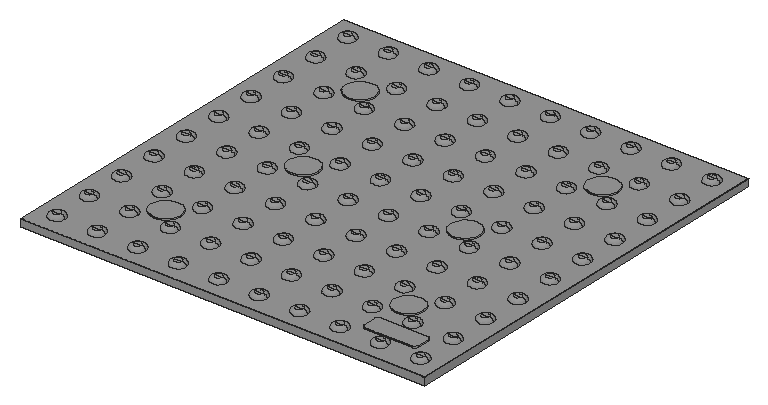
Revit family "Detectable-Warning-Surfaces_Cast-in-Place-Replaceable-24x24_ADA-Solutions", category Generic Models, host Floor, Revit 2026
Family settings
  Host = Floor
  Can host rebar = No
  Round Connector Dimension = Use Diameter
  Part Type = Normal
  Always vertical = Yes
  Cut with Voids When Loaded = No
  Maintain Annotation Orientation = No
  Shared = No
  Room Calculation Point = No
Parameters (values of type "ADA Clay Red")
  Width = 24"
  URL = "https://adatile.com/"
  Specification = ""
  Product Page URL = "https://www.arcat.com/arcatcos/cos41/arc41776.html"
  Model = "Cast-in-Place Replaceable"
  Manufacturer = "ADA Solutions"
  Length = 24"
  Keynote = "09 33 00"
  Default Elevation = 0"
  Copyright = "ARCAT"
  Color = ADA Clay Red
  CAD Details = ""
Types (9): name | Color
  ADA Yellow | ADA Yellow
  ADA Seattle Yellow | ADA Seattle Yellow
  ADA Blue | ADA Blue
  ADA Black | ADA Black
  ADA Safety Red | ADA Safety Red
  ADA White | ADA White
  ADA Brick Red | ADA Brick Red
  ADA Clay Red | ADA Clay Red
  ADA Dark Gray | ADA Dark Gray
Reference planes (in)
  plane 1 "Center (Front/Back)": y = 0
  plane 2: z = 0
  plane 3 "Center (Left/Right)": x = 0
  plane 4: y = 12
  plane 5: x = -12
  plane 6: x = 12
  plane 7: y = -12
Forms (in)
  Extrusion 1, solid, material "ADA Clay Red" <- "Color"
    sketch origin (0, 0, 0.59017) x (1, 0, 0) y (0, 1, 0)
      loop
        line (-12, 12) -> (-12, -12) -> (12, -12) -> (12, 12) -> (-12, 12)
    from 0 to 0.0204
  Revolve 2, solid, material "ADA Clay Red" <- "Color"
    sketch origin (-11.941, 10.803, -4.56741) x (1, 0, 0) y (0, 0, 1)
      loop
        line (1.14124, 5.37478) -> (0.89322, 5.37478)
        arc (0.89322, 5.37478) -> (0.75575, 5.31212) -> (0.68625, 5.17798) r 0.23136
        line (0.68625, 5.17798) -> (1.14124, 5.17798) -> (1.14124, 5.37478)
      axis (1.14124, 5.37478) -> (1.14124, 5.17798)
    angle from 0 to 360
  Revolve 3, solid, material "ADA Clay Red" <- "Color", not visible
    sketch origin (19.20141, 1.19882, 0) x (1, 0, 0) y (0, 0, 1)
      loop
        line (1.14124, 5.37478) -> (0.89322, 5.37478)
        arc (0.89322, 5.37478) -> (0.75575, 5.31212) -> (0.68625, 5.17798) r 0.23136
        line (0.68625, 5.17798) -> (1.14124, 5.17798) -> (1.14124, 5.37478)
      axis (1.14124, 5.37478) -> (1.14124, 5.17798)
    angle from 0 to 360
  Revolve 4, solid, material "ADA Clay Red" <- "Color"
    sketch origin (-9.54138, 10.803, -4.56741) x (1, 0, 0) y (0, 0, 1)
      loop
        line (1.14124, 5.37478) -> (0.89322, 5.37478)
        arc (0.89322, 5.37478) -> (0.75575, 5.31212) -> (0.68625, 5.17798) r 0.23136
        line (0.68625, 5.17798) -> (1.14124, 5.17798) -> (1.14124, 5.37478)
      axis (1.14124, 5.37478) -> (1.14124, 5.17798)
    angle from 0 to 360
  Revolve 5, solid, material "ADA Clay Red" <- "Color"
    sketch origin (-7.14175, 10.803, -4.56741) x (1, 0, 0) y (0, 0, 1)
      loop
        line (1.14124, 5.37478) -> (0.89322, 5.37478)
        arc (0.89322, 5.37478) -> (0.75575, 5.31212) -> (0.68625, 5.17798) r 0.23136
        line (0.68625, 5.17798) -> (1.14124, 5.17798) -> (1.14124, 5.37478)
      axis (1.14124, 5.37478) -> (1.14124, 5.17798)
    angle from 0 to 360
  Revolve 6, solid, material "ADA Clay Red" <- "Color"
    sketch origin (-4.74212, 10.803, -4.56741) x (1, 0, 0) y (0, 0, 1)
      loop
        line (1.14124, 5.37478) -> (0.89322, 5.37478)
        arc (0.89322, 5.37478) -> (0.75575, 5.31212) -> (0.68625, 5.17798) r 0.23136
        line (0.68625, 5.17798) -> (1.14124, 5.17798) -> (1.14124, 5.37478)
      axis (1.14124, 5.37478) -> (1.14124, 5.17798)
    angle from 0 to 360
  Revolve 7, solid, material "ADA Clay Red" <- "Color"
    sketch origin (-2.3425, 10.803, -4.56741) x (1, 0, 0) y (0, 0, 1)
      loop
        line (1.14124, 5.37478) -> (0.89322, 5.37478)
        arc (0.89322, 5.37478) -> (0.75575, 5.31212) -> (0.68625, 5.17798) r 0.23136
        line (0.68625, 5.17798) -> (1.14124, 5.17798) -> (1.14124, 5.37478)
      axis (1.14124, 5.37478) -> (1.14124, 5.17798)
    angle from 0 to 360
  Revolve 8, solid, material "ADA Clay Red" <- "Color"
    sketch origin (0.05713, 10.803, -4.56741) x (1, 0, 0) y (0, 0, 1)
      loop
        line (1.14124, 5.37478) -> (0.89322, 5.37478)
        arc (0.89322, 5.37478) -> (0.75575, 5.31212) -> (0.68625, 5.17798) r 0.23136
        line (0.68625, 5.17798) -> (1.14124, 5.17798) -> (1.14124, 5.37478)
      axis (1.14124, 5.37478) -> (1.14124, 5.17798)
    angle from 0 to 360
  Revolve 9, solid, material "ADA Clay Red" <- "Color"
    sketch origin (2.45676, 10.803, -4.56741) x (1, 0, 0) y (0, 0, 1)
      loop
        line (1.14124, 5.37478) -> (0.89322, 5.37478)
        arc (0.89322, 5.37478) -> (0.75575, 5.31212) -> (0.68625, 5.17798) r 0.23136
        line (0.68625, 5.17798) -> (1.14124, 5.17798) -> (1.14124, 5.37478)
      axis (1.14124, 5.37478) -> (1.14124, 5.17798)
    angle from 0 to 360
  Revolve 10, solid, material "ADA Clay Red" <- "Color"
    sketch origin (4.85638, 10.803, -4.56741) x (1, 0, 0) y (0, 0, 1)
      loop
        line (1.14124, 5.37478) -> (0.89322, 5.37478)
        arc (0.89322, 5.37478) -> (0.75575, 5.31212) -> (0.68625, 5.17798) r 0.23136
        line (0.68625, 5.17798) -> (1.14124, 5.17798) -> (1.14124, 5.37478)
      axis (1.14124, 5.37478) -> (1.14124, 5.17798)
    angle from 0 to 360
  Revolve 11, solid, material "ADA Clay Red" <- "Color"
    sketch origin (7.25601, 10.803, -4.56741) x (1, 0, 0) y (0, 0, 1)
      loop
        line (1.14124, 5.37478) -> (0.89322, 5.37478)
        arc (0.89322, 5.37478) -> (0.75575, 5.31212) -> (0.68625, 5.17798) r 0.23136
        line (0.68625, 5.17798) -> (1.14124, 5.17798) -> (1.14124, 5.37478)
      axis (1.14124, 5.37478) -> (1.14124, 5.17798)
    angle from 0 to 360
  Revolve 12, solid, material "ADA Clay Red" <- "Color"
    sketch origin (9.65564, 10.803, -4.56741) x (1, 0, 0) y (0, 0, 1)
      loop
        line (1.14124, 5.37478) -> (0.89322, 5.37478)
        arc (0.89322, 5.37478) -> (0.75575, 5.31212) -> (0.68625, 5.17798) r 0.23136
        line (0.68625, 5.17798) -> (1.14124, 5.17798) -> (1.14124, 5.37478)
      axis (1.14124, 5.37478) -> (1.14124, 5.17798)
    angle from 0 to 360
  Revolve 13, solid, material "ADA Clay Red" <- "Color"
    sketch origin (-11.941, 8.40425, -4.56741) x (1, 0, 0) y (0, 0, 1)
      loop
        line (1.14124, 5.37478) -> (0.89322, 5.37478)
        arc (0.89322, 5.37478) -> (0.75575, 5.31212) -> (0.68625, 5.17798) r 0.23136
        line (0.68625, 5.17798) -> (1.14124, 5.17798) -> (1.14124, 5.37478)
      axis (1.14124, 5.37478) -> (1.14124, 5.17798)
    angle from 0 to 360
  Revolve 14, solid, material "ADA Clay Red" <- "Color"
    sketch origin (-9.54138, 8.40425, -4.56741) x (1, 0, 0) y (0, 0, 1)
      loop
        line (1.14124, 5.37478) -> (0.89322, 5.37478)
        arc (0.89322, 5.37478) -> (0.75575, 5.31212) -> (0.68625, 5.17798) r 0.23136
        line (0.68625, 5.17798) -> (1.14124, 5.17798) -> (1.14124, 5.37478)
      axis (1.14124, 5.37478) -> (1.14124, 5.17798)
    angle from 0 to 360
  Revolve 15, solid, material "ADA Clay Red" <- "Color"
    sketch origin (-7.14175, 8.40425, -4.56741) x (1, 0, 0) y (0, 0, 1)
      loop
        line (1.14124, 5.37478) -> (0.89322, 5.37478)
        arc (0.89322, 5.37478) -> (0.75575, 5.31212) -> (0.68625, 5.17798) r 0.23136
        line (0.68625, 5.17798) -> (1.14124, 5.17798) -> (1.14124, 5.37478)
      axis (1.14124, 5.37478) -> (1.14124, 5.17798)
    angle from 0 to 360
  Revolve 16, solid, material "ADA Clay Red" <- "Color"
    sketch origin (-4.74212, 8.40425, -4.56741) x (1, 0, 0) y (0, 0, 1)
      loop
        line (1.14124, 5.37478) -> (0.89322, 5.37478)
        arc (0.89322, 5.37478) -> (0.75575, 5.31212) -> (0.68625, 5.17798) r 0.23136
        line (0.68625, 5.17798) -> (1.14124, 5.17798) -> (1.14124, 5.37478)
      axis (1.14124, 5.37478) -> (1.14124, 5.17798)
    angle from 0 to 360
  Revolve 17, solid, material "ADA Clay Red" <- "Color"
    sketch origin (-2.3425, 8.40425, -4.56741) x (1, 0, 0) y (0, 0, 1)
      loop
        line (1.14124, 5.37478) -> (0.89322, 5.37478)
        arc (0.89322, 5.37478) -> (0.75575, 5.31212) -> (0.68625, 5.17798) r 0.23136
        line (0.68625, 5.17798) -> (1.14124, 5.17798) -> (1.14124, 5.37478)
      axis (1.14124, 5.37478) -> (1.14124, 5.17798)
    angle from 0 to 360
  Revolve 18, solid, material "ADA Clay Red" <- "Color"
    sketch origin (0.05713, 8.40425, -4.56741) x (1, 0, 0) y (0, 0, 1)
      loop
        line (1.14124, 5.37478) -> (0.89322, 5.37478)
        arc (0.89322, 5.37478) -> (0.75575, 5.31212) -> (0.68625, 5.17798) r 0.23136
        line (0.68625, 5.17798) -> (1.14124, 5.17798) -> (1.14124, 5.37478)
      axis (1.14124, 5.37478) -> (1.14124, 5.17798)
    angle from 0 to 360
  Revolve 19, solid, material "ADA Clay Red" <- "Color"
    sketch origin (2.45676, 8.40425, -4.56741) x (1, 0, 0) y (0, 0, 1)
      loop
        line (1.14124, 5.37478) -> (0.89322, 5.37478)
        arc (0.89322, 5.37478) -> (0.75575, 5.31212) -> (0.68625, 5.17798) r 0.23136
        line (0.68625, 5.17798) -> (1.14124, 5.17798) -> (1.14124, 5.37478)
      axis (1.14124, 5.37478) -> (1.14124, 5.17798)
    angle from 0 to 360
  Revolve 20, solid, material "ADA Clay Red" <- "Color"
    sketch origin (4.85638, 8.40425, -4.56741) x (1, 0, 0) y (0, 0, 1)
      loop
        line (1.14124, 5.37478) -> (0.89322, 5.37478)
        arc (0.89322, 5.37478) -> (0.75575, 5.31212) -> (0.68625, 5.17798) r 0.23136
        line (0.68625, 5.17798) -> (1.14124, 5.17798) -> (1.14124, 5.37478)
      axis (1.14124, 5.37478) -> (1.14124, 5.17798)
    angle from 0 to 360
  Revolve 21, solid, material "ADA Clay Red" <- "Color"
    sketch origin (7.25601, 8.40425, -4.56741) x (1, 0, 0) y (0, 0, 1)
      loop
        line (1.14124, 5.37478) -> (0.89322, 5.37478)
        arc (0.89322, 5.37478) -> (0.75575, 5.31212) -> (0.68625, 5.17798) r 0.23136
        line (0.68625, 5.17798) -> (1.14124, 5.17798) -> (1.14124, 5.37478)
      axis (1.14124, 5.37478) -> (1.14124, 5.17798)
    angle from 0 to 360
  Revolve 22, solid, material "ADA Clay Red" <- "Color"
    sketch origin (9.65564, 8.40425, -4.56741) x (1, 0, 0) y (0, 0, 1)
      loop
        line (1.14124, 5.37478) -> (0.89322, 5.37478)
        arc (0.89322, 5.37478) -> (0.75575, 5.31212) -> (0.68625, 5.17798) r 0.23136
        line (0.68625, 5.17798) -> (1.14124, 5.17798) -> (1.14124, 5.37478)
      axis (1.14124, 5.37478) -> (1.14124, 5.17798)
    angle from 0 to 360
  Revolve 23, solid, material "ADA Clay Red" <- "Color"
    sketch origin (-11.941, 6.0055, -4.56741) x (1, 0, 0) y (0, 0, 1)
      loop
        line (1.14124, 5.37478) -> (0.89322, 5.37478)
        arc (0.89322, 5.37478) -> (0.75575, 5.31212) -> (0.68625, 5.17798) r 0.23136
        line (0.68625, 5.17798) -> (1.14124, 5.17798) -> (1.14124, 5.37478)
      axis (1.14124, 5.37478) -> (1.14124, 5.17798)
    angle from 0 to 360
  Revolve 24, solid, material "ADA Clay Red" <- "Color"
    sketch origin (-9.54138, 6.0055, -4.56741) x (1, 0, 0) y (0, 0, 1)
      loop
        line (1.14124, 5.37478) -> (0.89322, 5.37478)
        arc (0.89322, 5.37478) -> (0.75575, 5.31212) -> (0.68625, 5.17798) r 0.23136
        line (0.68625, 5.17798) -> (1.14124, 5.17798) -> (1.14124, 5.37478)
      axis (1.14124, 5.37478) -> (1.14124, 5.17798)
    angle from 0 to 360
  Revolve 25, solid, material "ADA Clay Red" <- "Color"
    sketch origin (-7.14175, 6.0055, -4.56741) x (1, 0, 0) y (0, 0, 1)
      loop
        line (1.14124, 5.37478) -> (0.89322, 5.37478)
        arc (0.89322, 5.37478) -> (0.75575, 5.31212) -> (0.68625, 5.17798) r 0.23136
        line (0.68625, 5.17798) -> (1.14124, 5.17798) -> (1.14124, 5.37478)
      axis (1.14124, 5.37478) -> (1.14124, 5.17798)
    angle from 0 to 360
  Revolve 26, solid, material "ADA Clay Red" <- "Color"
    sketch origin (-4.74212, 6.0055, -4.56741) x (1, 0, 0) y (0, 0, 1)
      loop
        line (1.14124, 5.37478) -> (0.89322, 5.37478)
        arc (0.89322, 5.37478) -> (0.75575, 5.31212) -> (0.68625, 5.17798) r 0.23136
        line (0.68625, 5.17798) -> (1.14124, 5.17798) -> (1.14124, 5.37478)
      axis (1.14124, 5.37478) -> (1.14124, 5.17798)
    angle from 0 to 360
  Revolve 27, solid, material "ADA Clay Red" <- "Color"
    sketch origin (-2.3425, 6.0055, -4.56741) x (1, 0, 0) y (0, 0, 1)
      loop
        line (1.14124, 5.37478) -> (0.89322, 5.37478)
        arc (0.89322, 5.37478) -> (0.75575, 5.31212) -> (0.68625, 5.17798) r 0.23136
        line (0.68625, 5.17798) -> (1.14124, 5.17798) -> (1.14124, 5.37478)
      axis (1.14124, 5.37478) -> (1.14124, 5.17798)
    angle from 0 to 360
  Revolve 28, solid, material "ADA Clay Red" <- "Color"
    sketch origin (0.05713, 6.0055, -4.56741) x (1, 0, 0) y (0, 0, 1)
      loop
        line (1.14124, 5.37478) -> (0.89322, 5.37478)
        arc (0.89322, 5.37478) -> (0.75575, 5.31212) -> (0.68625, 5.17798) r 0.23136
        line (0.68625, 5.17798) -> (1.14124, 5.17798) -> (1.14124, 5.37478)
      axis (1.14124, 5.37478) -> (1.14124, 5.17798)
    angle from 0 to 360
  Revolve 29, solid, material "ADA Clay Red" <- "Color"
    sketch origin (2.45676, 6.0055, -4.56741) x (1, 0, 0) y (0, 0, 1)
      loop
        line (1.14124, 5.37478) -> (0.89322, 5.37478)
        arc (0.89322, 5.37478) -> (0.75575, 5.31212) -> (0.68625, 5.17798) r 0.23136
        line (0.68625, 5.17798) -> (1.14124, 5.17798) -> (1.14124, 5.37478)
      axis (1.14124, 5.37478) -> (1.14124, 5.17798)
    angle from 0 to 360
  Revolve 30, solid, material "ADA Clay Red" <- "Color"
    sketch origin (4.85638, 6.0055, -4.56741) x (1, 0, 0) y (0, 0, 1)
      loop
        line (1.14124, 5.37478) -> (0.89322, 5.37478)
        arc (0.89322, 5.37478) -> (0.75575, 5.31212) -> (0.68625, 5.17798) r 0.23136
        line (0.68625, 5.17798) -> (1.14124, 5.17798) -> (1.14124, 5.37478)
      axis (1.14124, 5.37478) -> (1.14124, 5.17798)
    angle from 0 to 360
  Revolve 31, solid, material "ADA Clay Red" <- "Color"
    sketch origin (7.25601, 6.0055, -4.56741) x (1, 0, 0) y (0, 0, 1)
      loop
        line (1.14124, 5.37478) -> (0.89322, 5.37478)
        arc (0.89322, 5.37478) -> (0.75575, 5.31212) -> (0.68625, 5.17798) r 0.23136
        line (0.68625, 5.17798) -> (1.14124, 5.17798) -> (1.14124, 5.37478)
      axis (1.14124, 5.37478) -> (1.14124, 5.17798)
    angle from 0 to 360
  Revolve 32, solid, material "ADA Clay Red" <- "Color"
    sketch origin (9.65564, 6.0055, -4.56741) x (1, 0, 0) y (0, 0, 1)
      loop
        line (1.14124, 5.37478) -> (0.89322, 5.37478)
        arc (0.89322, 5.37478) -> (0.75575, 5.31212) -> (0.68625, 5.17798) r 0.23136
        line (0.68625, 5.17798) -> (1.14124, 5.17798) -> (1.14124, 5.37478)
      axis (1.14124, 5.37478) -> (1.14124, 5.17798)
    angle from 0 to 360
  Revolve 33, solid, material "ADA Clay Red" <- "Color"
    sketch origin (-11.941, 3.60675, -4.56741) x (1, 0, 0) y (0, 0, 1)
      loop
        line (1.14124, 5.37478) -> (0.89322, 5.37478)
        arc (0.89322, 5.37478) -> (0.75575, 5.31212) -> (0.68625, 5.17798) r 0.23136
        line (0.68625, 5.17798) -> (1.14124, 5.17798) -> (1.14124, 5.37478)
      axis (1.14124, 5.37478) -> (1.14124, 5.17798)
    angle from 0 to 360
  Revolve 34, solid, material "ADA Clay Red" <- "Color"
    sketch origin (-9.54138, 3.60675, -4.56741) x (1, 0, 0) y (0, 0, 1)
      loop
        line (1.14124, 5.37478) -> (0.89322, 5.37478)
        arc (0.89322, 5.37478) -> (0.75575, 5.31212) -> (0.68625, 5.17798) r 0.23136
        line (0.68625, 5.17798) -> (1.14124, 5.17798) -> (1.14124, 5.37478)
      axis (1.14124, 5.37478) -> (1.14124, 5.17798)
    angle from 0 to 360
  Revolve 35, solid, material "ADA Clay Red" <- "Color"
    sketch origin (-7.14175, 3.60675, -4.56741) x (1, 0, 0) y (0, 0, 1)
      loop
        line (1.14124, 5.37478) -> (0.89322, 5.37478)
        arc (0.89322, 5.37478) -> (0.75575, 5.31212) -> (0.68625, 5.17798) r 0.23136
        line (0.68625, 5.17798) -> (1.14124, 5.17798) -> (1.14124, 5.37478)
      axis (1.14124, 5.37478) -> (1.14124, 5.17798)
    angle from 0 to 360
  Revolve 36, solid, material "ADA Clay Red" <- "Color"
    sketch origin (-4.74212, 3.60675, -4.56741) x (1, 0, 0) y (0, 0, 1)
      loop
        line (1.14124, 5.37478) -> (0.89322, 5.37478)
        arc (0.89322, 5.37478) -> (0.75575, 5.31212) -> (0.68625, 5.17798) r 0.23136
        line (0.68625, 5.17798) -> (1.14124, 5.17798) -> (1.14124, 5.37478)
      axis (1.14124, 5.37478) -> (1.14124, 5.17798)
    angle from 0 to 360
  Revolve 37, solid, material "ADA Clay Red" <- "Color"
    sketch origin (-2.3425, 3.60675, -4.56741) x (1, 0, 0) y (0, 0, 1)
      loop
        line (1.14124, 5.37478) -> (0.89322, 5.37478)
        arc (0.89322, 5.37478) -> (0.75575, 5.31212) -> (0.68625, 5.17798) r 0.23136
        line (0.68625, 5.17798) -> (1.14124, 5.17798) -> (1.14124, 5.37478)
      axis (1.14124, 5.37478) -> (1.14124, 5.17798)
    angle from 0 to 360
  Revolve 38, solid, material "ADA Clay Red" <- "Color"
    sketch origin (0.05713, 3.60675, -4.56741) x (1, 0, 0) y (0, 0, 1)
      loop
        line (1.14124, 5.37478) -> (0.89322, 5.37478)
        arc (0.89322, 5.37478) -> (0.75575, 5.31212) -> (0.68625, 5.17798) r 0.23136
        line (0.68625, 5.17798) -> (1.14124, 5.17798) -> (1.14124, 5.37478)
      axis (1.14124, 5.37478) -> (1.14124, 5.17798)
    angle from 0 to 360
  Revolve 39, solid, material "ADA Clay Red" <- "Color"
    sketch origin (2.45676, 3.60675, -4.56741) x (1, 0, 0) y (0, 0, 1)
      loop
        line (1.14124, 5.37478) -> (0.89322, 5.37478)
        arc (0.89322, 5.37478) -> (0.75575, 5.31212) -> (0.68625, 5.17798) r 0.23136
        line (0.68625, 5.17798) -> (1.14124, 5.17798) -> (1.14124, 5.37478)
      axis (1.14124, 5.37478) -> (1.14124, 5.17798)
    angle from 0 to 360
  Revolve 40, solid, material "ADA Clay Red" <- "Color"
    sketch origin (4.85638, 3.60675, -4.56741) x (1, 0, 0) y (0, 0, 1)
      loop
        line (1.14124, 5.37478) -> (0.89322, 5.37478)
        arc (0.89322, 5.37478) -> (0.75575, 5.31212) -> (0.68625, 5.17798) r 0.23136
        line (0.68625, 5.17798) -> (1.14124, 5.17798) -> (1.14124, 5.37478)
      axis (1.14124, 5.37478) -> (1.14124, 5.17798)
    angle from 0 to 360
  Revolve 41, solid, material "ADA Clay Red" <- "Color"
    sketch origin (7.25601, 3.60675, -4.56741) x (1, 0, 0) y (0, 0, 1)
      loop
        line (1.14124, 5.37478) -> (0.89322, 5.37478)
        arc (0.89322, 5.37478) -> (0.75575, 5.31212) -> (0.68625, 5.17798) r 0.23136
        line (0.68625, 5.17798) -> (1.14124, 5.17798) -> (1.14124, 5.37478)
      axis (1.14124, 5.37478) -> (1.14124, 5.17798)
    angle from 0 to 360
  Revolve 42, solid, material "ADA Clay Red" <- "Color"
    sketch origin (9.65564, 3.60675, -4.56741) x (1, 0, 0) y (0, 0, 1)
      loop
        line (1.14124, 5.37478) -> (0.89322, 5.37478)
        arc (0.89322, 5.37478) -> (0.75575, 5.31212) -> (0.68625, 5.17798) r 0.23136
        line (0.68625, 5.17798) -> (1.14124, 5.17798) -> (1.14124, 5.37478)
      axis (1.14124, 5.37478) -> (1.14124, 5.17798)
    angle from 0 to 360
  Revolve 43, solid, material "ADA Clay Red" <- "Color"
    sketch origin (-11.941, 1.208, -4.56741) x (1, 0, 0) y (0, 0, 1)
      loop
        line (1.14124, 5.37478) -> (0.89322, 5.37478)
        arc (0.89322, 5.37478) -> (0.75575, 5.31212) -> (0.68625, 5.17798) r 0.23136
        line (0.68625, 5.17798) -> (1.14124, 5.17798) -> (1.14124, 5.37478)
      axis (1.14124, 5.37478) -> (1.14124, 5.17798)
    angle from 0 to 360
  Revolve 44, solid, material "ADA Clay Red" <- "Color"
    sketch origin (-9.54138, 1.208, -4.56741) x (1, 0, 0) y (0, 0, 1)
      loop
        line (1.14124, 5.37478) -> (0.89322, 5.37478)
        arc (0.89322, 5.37478) -> (0.75575, 5.31212) -> (0.68625, 5.17798) r 0.23136
        line (0.68625, 5.17798) -> (1.14124, 5.17798) -> (1.14124, 5.37478)
      axis (1.14124, 5.37478) -> (1.14124, 5.17798)
    angle from 0 to 360
  Revolve 45, solid, material "ADA Clay Red" <- "Color"
    sketch origin (-7.14175, 1.208, -4.56741) x (1, 0, 0) y (0, 0, 1)
      loop
        line (1.14124, 5.37478) -> (0.89322, 5.37478)
        arc (0.89322, 5.37478) -> (0.75575, 5.31212) -> (0.68625, 5.17798) r 0.23136
        line (0.68625, 5.17798) -> (1.14124, 5.17798) -> (1.14124, 5.37478)
      axis (1.14124, 5.37478) -> (1.14124, 5.17798)
    angle from 0 to 360
  Revolve 46, solid, material "ADA Clay Red" <- "Color"
    sketch origin (-4.74212, 1.208, -4.56741) x (1, 0, 0) y (0, 0, 1)
      loop
        line (1.14124, 5.37478) -> (0.89322, 5.37478)
        arc (0.89322, 5.37478) -> (0.75575, 5.31212) -> (0.68625, 5.17798) r 0.23136
        line (0.68625, 5.17798) -> (1.14124, 5.17798) -> (1.14124, 5.37478)
      axis (1.14124, 5.37478) -> (1.14124, 5.17798)
    angle from 0 to 360
  Revolve 47, solid, material "ADA Clay Red" <- "Color"
    sketch origin (-2.3425, 1.208, -4.56741) x (1, 0, 0) y (0, 0, 1)
      loop
        line (1.14124, 5.37478) -> (0.89322, 5.37478)
        arc (0.89322, 5.37478) -> (0.75575, 5.31212) -> (0.68625, 5.17798) r 0.23136
        line (0.68625, 5.17798) -> (1.14124, 5.17798) -> (1.14124, 5.37478)
      axis (1.14124, 5.37478) -> (1.14124, 5.17798)
    angle from 0 to 360
  Revolve 48, solid, material "ADA Clay Red" <- "Color"
    sketch origin (0.05713, 1.208, -4.56741) x (1, 0, 0) y (0, 0, 1)
      loop
        line (1.14124, 5.37478) -> (0.89322, 5.37478)
        arc (0.89322, 5.37478) -> (0.75575, 5.31212) -> (0.68625, 5.17798) r 0.23136
        line (0.68625, 5.17798) -> (1.14124, 5.17798) -> (1.14124, 5.37478)
      axis (1.14124, 5.37478) -> (1.14124, 5.17798)
    angle from 0 to 360
  Revolve 49, solid, material "ADA Clay Red" <- "Color"
    sketch origin (2.45676, 1.208, -4.56741) x (1, 0, 0) y (0, 0, 1)
      loop
        line (1.14124, 5.37478) -> (0.89322, 5.37478)
        arc (0.89322, 5.37478) -> (0.75575, 5.31212) -> (0.68625, 5.17798) r 0.23136
        line (0.68625, 5.17798) -> (1.14124, 5.17798) -> (1.14124, 5.37478)
      axis (1.14124, 5.37478) -> (1.14124, 5.17798)
    angle from 0 to 360
  Revolve 50, solid, material "ADA Clay Red" <- "Color"
    sketch origin (4.85638, 1.208, -4.56741) x (1, 0, 0) y (0, 0, 1)
      loop
        line (1.14124, 5.37478) -> (0.89322, 5.37478)
        arc (0.89322, 5.37478) -> (0.75575, 5.31212) -> (0.68625, 5.17798) r 0.23136
        line (0.68625, 5.17798) -> (1.14124, 5.17798) -> (1.14124, 5.37478)
      axis (1.14124, 5.37478) -> (1.14124, 5.17798)
    angle from 0 to 360
  Revolve 51, solid, material "ADA Clay Red" <- "Color"
    sketch origin (7.25601, 1.208, -4.56741) x (1, 0, 0) y (0, 0, 1)
      loop
        line (1.14124, 5.37478) -> (0.89322, 5.37478)
        arc (0.89322, 5.37478) -> (0.75575, 5.31212) -> (0.68625, 5.17798) r 0.23136
        line (0.68625, 5.17798) -> (1.14124, 5.17798) -> (1.14124, 5.37478)
      axis (1.14124, 5.37478) -> (1.14124, 5.17798)
    angle from 0 to 360
  Revolve 52, solid, material "ADA Clay Red" <- "Color"
    sketch origin (9.65564, 1.208, -4.56741) x (1, 0, 0) y (0, 0, 1)
      loop
        line (1.14124, 5.37478) -> (0.89322, 5.37478)
        arc (0.89322, 5.37478) -> (0.75575, 5.31212) -> (0.68625, 5.17798) r 0.23136
        line (0.68625, 5.17798) -> (1.14124, 5.17798) -> (1.14124, 5.37478)
      axis (1.14124, 5.37478) -> (1.14124, 5.17798)
    angle from 0 to 360
  Revolve 53, solid, material "ADA Clay Red" <- "Color"
    sketch origin (-11.941, -1.19076, -4.56741) x (1, 0, 0) y (0, 0, 1)
      loop
        line (1.14124, 5.37478) -> (0.89322, 5.37478)
        arc (0.89322, 5.37478) -> (0.75575, 5.31212) -> (0.68625, 5.17798) r 0.23136
        line (0.68625, 5.17798) -> (1.14124, 5.17798) -> (1.14124, 5.37478)
      axis (1.14124, 5.37478) -> (1.14124, 5.17798)
    angle from 0 to 360
  Revolve 54, solid, material "ADA Clay Red" <- "Color"
    sketch origin (-9.54138, -1.19076, -4.56741) x (1, 0, 0) y (0, 0, 1)
      loop
        line (1.14124, 5.37478) -> (0.89322, 5.37478)
        arc (0.89322, 5.37478) -> (0.75575, 5.31212) -> (0.68625, 5.17798) r 0.23136
        line (0.68625, 5.17798) -> (1.14124, 5.17798) -> (1.14124, 5.37478)
      axis (1.14124, 5.37478) -> (1.14124, 5.17798)
    angle from 0 to 360
  Revolve 55, solid, material "ADA Clay Red" <- "Color"
    sketch origin (-7.14175, -1.19076, -4.56741) x (1, 0, 0) y (0, 0, 1)
      loop
        line (1.14124, 5.37478) -> (0.89322, 5.37478)
        arc (0.89322, 5.37478) -> (0.75575, 5.31212) -> (0.68625, 5.17798) r 0.23136
        line (0.68625, 5.17798) -> (1.14124, 5.17798) -> (1.14124, 5.37478)
      axis (1.14124, 5.37478) -> (1.14124, 5.17798)
    angle from 0 to 360
  Revolve 56, solid, material "ADA Clay Red" <- "Color"
    sketch origin (-4.74212, -1.19076, -4.56741) x (1, 0, 0) y (0, 0, 1)
      loop
        line (1.14124, 5.37478) -> (0.89322, 5.37478)
        arc (0.89322, 5.37478) -> (0.75575, 5.31212) -> (0.68625, 5.17798) r 0.23136
        line (0.68625, 5.17798) -> (1.14124, 5.17798) -> (1.14124, 5.37478)
      axis (1.14124, 5.37478) -> (1.14124, 5.17798)
    angle from 0 to 360
  Revolve 57, solid, material "ADA Clay Red" <- "Color"
    sketch origin (-2.3425, -1.19076, -4.56741) x (1, 0, 0) y (0, 0, 1)
      loop
        line (1.14124, 5.37478) -> (0.89322, 5.37478)
        arc (0.89322, 5.37478) -> (0.75575, 5.31212) -> (0.68625, 5.17798) r 0.23136
        line (0.68625, 5.17798) -> (1.14124, 5.17798) -> (1.14124, 5.37478)
      axis (1.14124, 5.37478) -> (1.14124, 5.17798)
    angle from 0 to 360
  Revolve 58, solid, material "ADA Clay Red" <- "Color"
    sketch origin (0.05713, -1.19076, -4.56741) x (1, 0, 0) y (0, 0, 1)
      loop
        line (1.14124, 5.37478) -> (0.89322, 5.37478)
        arc (0.89322, 5.37478) -> (0.75575, 5.31212) -> (0.68625, 5.17798) r 0.23136
        line (0.68625, 5.17798) -> (1.14124, 5.17798) -> (1.14124, 5.37478)
      axis (1.14124, 5.37478) -> (1.14124, 5.17798)
    angle from 0 to 360
  Revolve 59, solid, material "ADA Clay Red" <- "Color"
    sketch origin (2.45676, -1.19076, -4.56741) x (1, 0, 0) y (0, 0, 1)
      loop
        line (1.14124, 5.37478) -> (0.89322, 5.37478)
        arc (0.89322, 5.37478) -> (0.75575, 5.31212) -> (0.68625, 5.17798) r 0.23136
        line (0.68625, 5.17798) -> (1.14124, 5.17798) -> (1.14124, 5.37478)
      axis (1.14124, 5.37478) -> (1.14124, 5.17798)
    angle from 0 to 360
  Revolve 60, solid, material "ADA Clay Red" <- "Color"
    sketch origin (4.85638, -1.19076, -4.56741) x (1, 0, 0) y (0, 0, 1)
      loop
        line (1.14124, 5.37478) -> (0.89322, 5.37478)
        arc (0.89322, 5.37478) -> (0.75575, 5.31212) -> (0.68625, 5.17798) r 0.23136
        line (0.68625, 5.17798) -> (1.14124, 5.17798) -> (1.14124, 5.37478)
      axis (1.14124, 5.37478) -> (1.14124, 5.17798)
    angle from 0 to 360
  Revolve 61, solid, material "ADA Clay Red" <- "Color"
    sketch origin (7.25601, -1.19076, -4.56741) x (1, 0, 0) y (0, 0, 1)
      loop
        line (1.14124, 5.37478) -> (0.89322, 5.37478)
        arc (0.89322, 5.37478) -> (0.75575, 5.31212) -> (0.68625, 5.17798) r 0.23136
        line (0.68625, 5.17798) -> (1.14124, 5.17798) -> (1.14124, 5.37478)
      axis (1.14124, 5.37478) -> (1.14124, 5.17798)
    angle from 0 to 360
  Revolve 62, solid, material "ADA Clay Red" <- "Color"
    sketch origin (9.65564, -1.19076, -4.56741) x (1, 0, 0) y (0, 0, 1)
      loop
        line (1.14124, 5.37478) -> (0.89322, 5.37478)
        arc (0.89322, 5.37478) -> (0.75575, 5.31212) -> (0.68625, 5.17798) r 0.23136
        line (0.68625, 5.17798) -> (1.14124, 5.17798) -> (1.14124, 5.37478)
      axis (1.14124, 5.37478) -> (1.14124, 5.17798)
    angle from 0 to 360
  Revolve 63, solid, material "ADA Clay Red" <- "Color"
    sketch origin (-11.941, -3.58951, -4.56741) x (1, 0, 0) y (0, 0, 1)
      loop
        line (1.14124, 5.37478) -> (0.89322, 5.37478)
        arc (0.89322, 5.37478) -> (0.75575, 5.31212) -> (0.68625, 5.17798) r 0.23136
        line (0.68625, 5.17798) -> (1.14124, 5.17798) -> (1.14124, 5.37478)
      axis (1.14124, 5.37478) -> (1.14124, 5.17798)
    angle from 0 to 360
  Revolve 64, solid, material "ADA Clay Red" <- "Color"
    sketch origin (-9.54138, -3.58951, -4.56741) x (1, 0, 0) y (0, 0, 1)
      loop
        line (1.14124, 5.37478) -> (0.89322, 5.37478)
        arc (0.89322, 5.37478) -> (0.75575, 5.31212) -> (0.68625, 5.17798) r 0.23136
        line (0.68625, 5.17798) -> (1.14124, 5.17798) -> (1.14124, 5.37478)
      axis (1.14124, 5.37478) -> (1.14124, 5.17798)
    angle from 0 to 360
  Revolve 65, solid, material "ADA Clay Red" <- "Color"
    sketch origin (-7.14175, -3.58951, -4.56741) x (1, 0, 0) y (0, 0, 1)
      loop
        line (1.14124, 5.37478) -> (0.89322, 5.37478)
        arc (0.89322, 5.37478) -> (0.75575, 5.31212) -> (0.68625, 5.17798) r 0.23136
        line (0.68625, 5.17798) -> (1.14124, 5.17798) -> (1.14124, 5.37478)
      axis (1.14124, 5.37478) -> (1.14124, 5.17798)
    angle from 0 to 360
  Revolve 66, solid, material "ADA Clay Red" <- "Color"
    sketch origin (-4.74212, -3.58951, -4.56741) x (1, 0, 0) y (0, 0, 1)
      loop
        line (1.14124, 5.37478) -> (0.89322, 5.37478)
        arc (0.89322, 5.37478) -> (0.75575, 5.31212) -> (0.68625, 5.17798) r 0.23136
        line (0.68625, 5.17798) -> (1.14124, 5.17798) -> (1.14124, 5.37478)
      axis (1.14124, 5.37478) -> (1.14124, 5.17798)
    angle from 0 to 360
  Revolve 67, solid, material "ADA Clay Red" <- "Color"
    sketch origin (-2.3425, -3.58951, -4.56741) x (1, 0, 0) y (0, 0, 1)
      loop
        line (1.14124, 5.37478) -> (0.89322, 5.37478)
        arc (0.89322, 5.37478) -> (0.75575, 5.31212) -> (0.68625, 5.17798) r 0.23136
        line (0.68625, 5.17798) -> (1.14124, 5.17798) -> (1.14124, 5.37478)
      axis (1.14124, 5.37478) -> (1.14124, 5.17798)
    angle from 0 to 360
  Revolve 68, solid, material "ADA Clay Red" <- "Color"
    sketch origin (0.05713, -3.58951, -4.56741) x (1, 0, 0) y (0, 0, 1)
      loop
        line (1.14124, 5.37478) -> (0.89322, 5.37478)
        arc (0.89322, 5.37478) -> (0.75575, 5.31212) -> (0.68625, 5.17798) r 0.23136
        line (0.68625, 5.17798) -> (1.14124, 5.17798) -> (1.14124, 5.37478)
      axis (1.14124, 5.37478) -> (1.14124, 5.17798)
    angle from 0 to 360
  Revolve 69, solid, material "ADA Clay Red" <- "Color"
    sketch origin (2.45676, -3.58951, -4.56741) x (1, 0, 0) y (0, 0, 1)
      loop
        line (1.14124, 5.37478) -> (0.89322, 5.37478)
        arc (0.89322, 5.37478) -> (0.75575, 5.31212) -> (0.68625, 5.17798) r 0.23136
        line (0.68625, 5.17798) -> (1.14124, 5.17798) -> (1.14124, 5.37478)
      axis (1.14124, 5.37478) -> (1.14124, 5.17798)
    angle from 0 to 360
  Revolve 70, solid, material "ADA Clay Red" <- "Color"
    sketch origin (4.85638, -3.58951, -4.56741) x (1, 0, 0) y (0, 0, 1)
      loop
        line (1.14124, 5.37478) -> (0.89322, 5.37478)
        arc (0.89322, 5.37478) -> (0.75575, 5.31212) -> (0.68625, 5.17798) r 0.23136
        line (0.68625, 5.17798) -> (1.14124, 5.17798) -> (1.14124, 5.37478)
      axis (1.14124, 5.37478) -> (1.14124, 5.17798)
    angle from 0 to 360
  Revolve 71, solid, material "ADA Clay Red" <- "Color"
    sketch origin (7.25601, -3.58951, -4.56741) x (1, 0, 0) y (0, 0, 1)
      loop
        line (1.14124, 5.37478) -> (0.89322, 5.37478)
        arc (0.89322, 5.37478) -> (0.75575, 5.31212) -> (0.68625, 5.17798) r 0.23136
        line (0.68625, 5.17798) -> (1.14124, 5.17798) -> (1.14124, 5.37478)
      axis (1.14124, 5.37478) -> (1.14124, 5.17798)
    angle from 0 to 360
  Revolve 72, solid, material "ADA Clay Red" <- "Color"
    sketch origin (9.65564, -3.58951, -4.56741) x (1, 0, 0) y (0, 0, 1)
      loop
        line (1.14124, 5.37478) -> (0.89322, 5.37478)
        arc (0.89322, 5.37478) -> (0.75575, 5.31212) -> (0.68625, 5.17798) r 0.23136
        line (0.68625, 5.17798) -> (1.14124, 5.17798) -> (1.14124, 5.37478)
      axis (1.14124, 5.37478) -> (1.14124, 5.17798)
    angle from 0 to 360
  Revolve 73, solid, material "ADA Clay Red" <- "Color"
    sketch origin (-11.941, -5.98826, -4.56741) x (1, 0, 0) y (0, 0, 1)
      loop
        line (1.14124, 5.37478) -> (0.89322, 5.37478)
        arc (0.89322, 5.37478) -> (0.75575, 5.31212) -> (0.68625, 5.17798) r 0.23136
        line (0.68625, 5.17798) -> (1.14124, 5.17798) -> (1.14124, 5.37478)
      axis (1.14124, 5.37478) -> (1.14124, 5.17798)
    angle from 0 to 360
  Revolve 74, solid, material "ADA Clay Red" <- "Color"
    sketch origin (-9.54138, -5.98826, -4.56741) x (1, 0, 0) y (0, 0, 1)
      loop
        line (1.14124, 5.37478) -> (0.89322, 5.37478)
        arc (0.89322, 5.37478) -> (0.75575, 5.31212) -> (0.68625, 5.17798) r 0.23136
        line (0.68625, 5.17798) -> (1.14124, 5.17798) -> (1.14124, 5.37478)
      axis (1.14124, 5.37478) -> (1.14124, 5.17798)
    angle from 0 to 360
  Revolve 75, solid, material "ADA Clay Red" <- "Color"
    sketch origin (-7.14175, -5.98826, -4.56741) x (1, 0, 0) y (0, 0, 1)
      loop
        line (1.14124, 5.37478) -> (0.89322, 5.37478)
        arc (0.89322, 5.37478) -> (0.75575, 5.31212) -> (0.68625, 5.17798) r 0.23136
        line (0.68625, 5.17798) -> (1.14124, 5.17798) -> (1.14124, 5.37478)
      axis (1.14124, 5.37478) -> (1.14124, 5.17798)
    angle from 0 to 360
  Revolve 76, solid, material "ADA Clay Red" <- "Color"
    sketch origin (-4.74212, -5.98826, -4.56741) x (1, 0, 0) y (0, 0, 1)
      loop
        line (1.14124, 5.37478) -> (0.89322, 5.37478)
        arc (0.89322, 5.37478) -> (0.75575, 5.31212) -> (0.68625, 5.17798) r 0.23136
        line (0.68625, 5.17798) -> (1.14124, 5.17798) -> (1.14124, 5.37478)
      axis (1.14124, 5.37478) -> (1.14124, 5.17798)
    angle from 0 to 360
  Revolve 77, solid, material "ADA Clay Red" <- "Color"
    sketch origin (-2.3425, -5.98826, -4.56741) x (1, 0, 0) y (0, 0, 1)
      loop
        line (1.14124, 5.37478) -> (0.89322, 5.37478)
        arc (0.89322, 5.37478) -> (0.75575, 5.31212) -> (0.68625, 5.17798) r 0.23136
        line (0.68625, 5.17798) -> (1.14124, 5.17798) -> (1.14124, 5.37478)
      axis (1.14124, 5.37478) -> (1.14124, 5.17798)
    angle from 0 to 360
  Revolve 78, solid, material "ADA Clay Red" <- "Color"
    sketch origin (0.05713, -5.98826, -4.56741) x (1, 0, 0) y (0, 0, 1)
      loop
        line (1.14124, 5.37478) -> (0.89322, 5.37478)
        arc (0.89322, 5.37478) -> (0.75575, 5.31212) -> (0.68625, 5.17798) r 0.23136
        line (0.68625, 5.17798) -> (1.14124, 5.17798) -> (1.14124, 5.37478)
      axis (1.14124, 5.37478) -> (1.14124, 5.17798)
    angle from 0 to 360
  Revolve 79, solid, material "ADA Clay Red" <- "Color"
    sketch origin (2.45676, -5.98826, -4.56741) x (1, 0, 0) y (0, 0, 1)
      loop
        line (1.14124, 5.37478) -> (0.89322, 5.37478)
        arc (0.89322, 5.37478) -> (0.75575, 5.31212) -> (0.68625, 5.17798) r 0.23136
        line (0.68625, 5.17798) -> (1.14124, 5.17798) -> (1.14124, 5.37478)
      axis (1.14124, 5.37478) -> (1.14124, 5.17798)
    angle from 0 to 360
  Revolve 80, solid, material "ADA Clay Red" <- "Color"
    sketch origin (4.85638, -5.98826, -4.56741) x (1, 0, 0) y (0, 0, 1)
      loop
        line (1.14124, 5.37478) -> (0.89322, 5.37478)
        arc (0.89322, 5.37478) -> (0.75575, 5.31212) -> (0.68625, 5.17798) r 0.23136
        line (0.68625, 5.17798) -> (1.14124, 5.17798) -> (1.14124, 5.37478)
      axis (1.14124, 5.37478) -> (1.14124, 5.17798)
    angle from 0 to 360
  Revolve 81, solid, material "ADA Clay Red" <- "Color"
    sketch origin (7.25601, -5.98826, -4.56741) x (1, 0, 0) y (0, 0, 1)
      loop
        line (1.14124, 5.37478) -> (0.89322, 5.37478)
        arc (0.89322, 5.37478) -> (0.75575, 5.31212) -> (0.68625, 5.17798) r 0.23136
        line (0.68625, 5.17798) -> (1.14124, 5.17798) -> (1.14124, 5.37478)
      axis (1.14124, 5.37478) -> (1.14124, 5.17798)
    angle from 0 to 360
  Revolve 82, solid, material "ADA Clay Red" <- "Color"
    sketch origin (9.65564, -5.98826, -4.56741) x (1, 0, 0) y (0, 0, 1)
      loop
        line (1.14124, 5.37478) -> (0.89322, 5.37478)
        arc (0.89322, 5.37478) -> (0.75575, 5.31212) -> (0.68625, 5.17798) r 0.23136
        line (0.68625, 5.17798) -> (1.14124, 5.17798) -> (1.14124, 5.37478)
      axis (1.14124, 5.37478) -> (1.14124, 5.17798)
    angle from 0 to 360
  Revolve 83, solid, material "ADA Clay Red" <- "Color"
    sketch origin (-11.941, -8.38701, -4.56741) x (1, 0, 0) y (0, 0, 1)
      loop
        line (1.14124, 5.37478) -> (0.89322, 5.37478)
        arc (0.89322, 5.37478) -> (0.75575, 5.31212) -> (0.68625, 5.17798) r 0.23136
        line (0.68625, 5.17798) -> (1.14124, 5.17798) -> (1.14124, 5.37478)
      axis (1.14124, 5.37478) -> (1.14124, 5.17798)
    angle from 0 to 360
  Revolve 84, solid, material "ADA Clay Red" <- "Color"
    sketch origin (-9.54138, -8.38701, -4.56741) x (1, 0, 0) y (0, 0, 1)
      loop
        line (1.14124, 5.37478) -> (0.89322, 5.37478)
        arc (0.89322, 5.37478) -> (0.75575, 5.31212) -> (0.68625, 5.17798) r 0.23136
        line (0.68625, 5.17798) -> (1.14124, 5.17798) -> (1.14124, 5.37478)
      axis (1.14124, 5.37478) -> (1.14124, 5.17798)
    angle from 0 to 360
  Revolve 85, solid, material "ADA Clay Red" <- "Color"
    sketch origin (-7.14175, -8.38701, -4.56741) x (1, 0, 0) y (0, 0, 1)
      loop
        line (1.14124, 5.37478) -> (0.89322, 5.37478)
        arc (0.89322, 5.37478) -> (0.75575, 5.31212) -> (0.68625, 5.17798) r 0.23136
        line (0.68625, 5.17798) -> (1.14124, 5.17798) -> (1.14124, 5.37478)
      axis (1.14124, 5.37478) -> (1.14124, 5.17798)
    angle from 0 to 360
  Revolve 86, solid, material "ADA Clay Red" <- "Color"
    sketch origin (-4.74212, -8.38701, -4.56741) x (1, 0, 0) y (0, 0, 1)
      loop
        line (1.14124, 5.37478) -> (0.89322, 5.37478)
        arc (0.89322, 5.37478) -> (0.75575, 5.31212) -> (0.68625, 5.17798) r 0.23136
        line (0.68625, 5.17798) -> (1.14124, 5.17798) -> (1.14124, 5.37478)
      axis (1.14124, 5.37478) -> (1.14124, 5.17798)
    angle from 0 to 360
  Revolve 87, solid, material "ADA Clay Red" <- "Color"
    sketch origin (-2.3425, -8.38701, -4.56741) x (1, 0, 0) y (0, 0, 1)
      loop
        line (1.14124, 5.37478) -> (0.89322, 5.37478)
        arc (0.89322, 5.37478) -> (0.75575, 5.31212) -> (0.68625, 5.17798) r 0.23136
        line (0.68625, 5.17798) -> (1.14124, 5.17798) -> (1.14124, 5.37478)
      axis (1.14124, 5.37478) -> (1.14124, 5.17798)
    angle from 0 to 360
  Revolve 88, solid, material "ADA Clay Red" <- "Color"
    sketch origin (0.05713, -8.38701, -4.56741) x (1, 0, 0) y (0, 0, 1)
      loop
        line (1.14124, 5.37478) -> (0.89322, 5.37478)
        arc (0.89322, 5.37478) -> (0.75575, 5.31212) -> (0.68625, 5.17798) r 0.23136
        line (0.68625, 5.17798) -> (1.14124, 5.17798) -> (1.14124, 5.37478)
      axis (1.14124, 5.37478) -> (1.14124, 5.17798)
    angle from 0 to 360
  Revolve 89, solid, material "ADA Clay Red" <- "Color"
    sketch origin (2.45676, -8.38701, -4.56741) x (1, 0, 0) y (0, 0, 1)
      loop
        line (1.14124, 5.37478) -> (0.89322, 5.37478)
        arc (0.89322, 5.37478) -> (0.75575, 5.31212) -> (0.68625, 5.17798) r 0.23136
        line (0.68625, 5.17798) -> (1.14124, 5.17798) -> (1.14124, 5.37478)
      axis (1.14124, 5.37478) -> (1.14124, 5.17798)
    angle from 0 to 360
  Revolve 90, solid, material "ADA Clay Red" <- "Color"
    sketch origin (4.85638, -8.38701, -4.56741) x (1, 0, 0) y (0, 0, 1)
      loop
        line (1.14124, 5.37478) -> (0.89322, 5.37478)
        arc (0.89322, 5.37478) -> (0.75575, 5.31212) -> (0.68625, 5.17798) r 0.23136
        line (0.68625, 5.17798) -> (1.14124, 5.17798) -> (1.14124, 5.37478)
      axis (1.14124, 5.37478) -> (1.14124, 5.17798)
    angle from 0 to 360
  Revolve 91, solid, material "ADA Clay Red" <- "Color"
    sketch origin (7.25601, -8.38701, -4.56741) x (1, 0, 0) y (0, 0, 1)
      loop
        line (1.14124, 5.37478) -> (0.89322, 5.37478)
        arc (0.89322, 5.37478) -> (0.75575, 5.31212) -> (0.68625, 5.17798) r 0.23136
        line (0.68625, 5.17798) -> (1.14124, 5.17798) -> (1.14124, 5.37478)
      axis (1.14124, 5.37478) -> (1.14124, 5.17798)
    angle from 0 to 360
  Revolve 92, solid, material "ADA Clay Red" <- "Color"
    sketch origin (9.65564, -8.38701, -4.56741) x (1, 0, 0) y (0, 0, 1)
      loop
        line (1.14124, 5.37478) -> (0.89322, 5.37478)
        arc (0.89322, 5.37478) -> (0.75575, 5.31212) -> (0.68625, 5.17798) r 0.23136
        line (0.68625, 5.17798) -> (1.14124, 5.17798) -> (1.14124, 5.37478)
      axis (1.14124, 5.37478) -> (1.14124, 5.17798)
    angle from 0 to 360
  Revolve 93, solid, material "ADA Clay Red" <- "Color"
    sketch origin (-11.941, -10.78576, -4.56741) x (1, 0, 0) y (0, 0, 1)
      loop
        line (1.14124, 5.37478) -> (0.89322, 5.37478)
        arc (0.89322, 5.37478) -> (0.75575, 5.31212) -> (0.68625, 5.17798) r 0.23136
        line (0.68625, 5.17798) -> (1.14124, 5.17798) -> (1.14124, 5.37478)
      axis (1.14124, 5.37478) -> (1.14124, 5.17798)
    angle from 0 to 360
  Revolve 94, solid, material "ADA Clay Red" <- "Color"
    sketch origin (-9.54138, -10.78576, -4.56741) x (1, 0, 0) y (0, 0, 1)
      loop
        line (1.14124, 5.37478) -> (0.89322, 5.37478)
        arc (0.89322, 5.37478) -> (0.75575, 5.31212) -> (0.68625, 5.17798) r 0.23136
        line (0.68625, 5.17798) -> (1.14124, 5.17798) -> (1.14124, 5.37478)
      axis (1.14124, 5.37478) -> (1.14124, 5.17798)
    angle from 0 to 360
  Revolve 95, solid, material "ADA Clay Red" <- "Color"
    sketch origin (-7.14175, -10.78576, -4.56741) x (1, 0, 0) y (0, 0, 1)
      loop
        line (1.14124, 5.37478) -> (0.89322, 5.37478)
        arc (0.89322, 5.37478) -> (0.75575, 5.31212) -> (0.68625, 5.17798) r 0.23136
        line (0.68625, 5.17798) -> (1.14124, 5.17798) -> (1.14124, 5.37478)
      axis (1.14124, 5.37478) -> (1.14124, 5.17798)
    angle from 0 to 360
  Revolve 96, solid, material "ADA Clay Red" <- "Color"
    sketch origin (-4.74212, -10.78576, -4.56741) x (1, 0, 0) y (0, 0, 1)
      loop
        line (1.14124, 5.37478) -> (0.89322, 5.37478)
        arc (0.89322, 5.37478) -> (0.75575, 5.31212) -> (0.68625, 5.17798) r 0.23136
        line (0.68625, 5.17798) -> (1.14124, 5.17798) -> (1.14124, 5.37478)
      axis (1.14124, 5.37478) -> (1.14124, 5.17798)
    angle from 0 to 360
  Revolve 97, solid, material "ADA Clay Red" <- "Color"
    sketch origin (-2.3425, -10.78576, -4.56741) x (1, 0, 0) y (0, 0, 1)
      loop
        line (1.14124, 5.37478) -> (0.89322, 5.37478)
        arc (0.89322, 5.37478) -> (0.75575, 5.31212) -> (0.68625, 5.17798) r 0.23136
        line (0.68625, 5.17798) -> (1.14124, 5.17798) -> (1.14124, 5.37478)
      axis (1.14124, 5.37478) -> (1.14124, 5.17798)
    angle from 0 to 360
  Revolve 98, solid, material "ADA Clay Red" <- "Color"
    sketch origin (0.05713, -10.78576, -4.56741) x (1, 0, 0) y (0, 0, 1)
      loop
        line (1.14124, 5.37478) -> (0.89322, 5.37478)
        arc (0.89322, 5.37478) -> (0.75575, 5.31212) -> (0.68625, 5.17798) r 0.23136
        line (0.68625, 5.17798) -> (1.14124, 5.17798) -> (1.14124, 5.37478)
      axis (1.14124, 5.37478) -> (1.14124, 5.17798)
    angle from 0 to 360
  Revolve 99, solid, material "ADA Clay Red" <- "Color"
    sketch origin (2.45676, -10.78576, -4.56741) x (1, 0, 0) y (0, 0, 1)
      loop
        line (1.14124, 5.37478) -> (0.89322, 5.37478)
        arc (0.89322, 5.37478) -> (0.75575, 5.31212) -> (0.68625, 5.17798) r 0.23136
        line (0.68625, 5.17798) -> (1.14124, 5.17798) -> (1.14124, 5.37478)
      axis (1.14124, 5.37478) -> (1.14124, 5.17798)
    angle from 0 to 360
  Revolve 100, solid, material "ADA Clay Red" <- "Color"
    sketch origin (4.85638, -10.78576, -4.56741) x (1, 0, 0) y (0, 0, 1)
      loop
        line (1.14124, 5.37478) -> (0.89322, 5.37478)
        arc (0.89322, 5.37478) -> (0.75575, 5.31212) -> (0.68625, 5.17798) r 0.23136
        line (0.68625, 5.17798) -> (1.14124, 5.17798) -> (1.14124, 5.37478)
      axis (1.14124, 5.37478) -> (1.14124, 5.17798)
    angle from 0 to 360
  Revolve 101, solid, material "ADA Clay Red" <- "Color"
    sketch origin (7.25601, -10.78576, -4.56741) x (1, 0, 0) y (0, 0, 1)
      loop
        line (1.14124, 5.37478) -> (0.89322, 5.37478)
        arc (0.89322, 5.37478) -> (0.75575, 5.31212) -> (0.68625, 5.17798) r 0.23136
        line (0.68625, 5.17798) -> (1.14124, 5.17798) -> (1.14124, 5.37478)
      axis (1.14124, 5.37478) -> (1.14124, 5.17798)
    angle from 0 to 360
  Revolve 102, solid, material "ADA Clay Red" <- "Color"
    sketch origin (9.65564, -10.78576, -4.56741) x (1, 0, 0) y (0, 0, 1)
      loop
        line (1.14124, 5.37478) -> (0.89322, 5.37478)
        arc (0.89322, 5.37478) -> (0.75575, 5.31212) -> (0.68625, 5.17798) r 0.23136
        line (0.68625, 5.17798) -> (1.14124, 5.17798) -> (1.14124, 5.37478)
      axis (1.14124, 5.37478) -> (1.14124, 5.17798)
    angle from 0 to 360
  Extrusion 103, solid, material "ADA Clay Red" <- "Color"
    sketch origin (0, 0, -0.10142) x (1, 0, 0) y (0, 1, 0)
      loop
        line (-12, 12) -> (-12, -12) -> (12, -12) -> (12, 12) -> (-12, 12)
    from 0.25293 to 0.69159
  Revolve 104, solid, material "ADA Clay Red" <- "Color"
    sketch origin (7.19794, 14.37663, -1.5) x (0, 1, 0) y (0, 0, 1)
      loop
        arc (-8.03854, 1.65151) -> (-7.95142, 1.54633) -> (-7.82295, 1.5) r 0.25936
        line (-7.82295, 1.5) -> (-7.17441, 1.5) -> (-7.17441, 1.65151) -> (-8.03854, 1.65151)
      axis (-7.17441, 1.5) -> (-7.17441, 1.65151)
    angle from 0 to 360
  Revolve 105, solid, material "ADA Clay Red" <- "Color"
    sketch origin (-7.2005, 14.37663, -1.5) x (0, 1, 0) y (0, 0, 1)
      loop
        arc (-8.03854, 1.65151) -> (-7.95142, 1.54633) -> (-7.82295, 1.5) r 0.25936
        line (-7.82295, 1.5) -> (-7.17441, 1.5) -> (-7.17441, 1.65151) -> (-8.03854, 1.65151)
      axis (-7.17441, 1.5) -> (-7.17441, 1.65151)
    angle from 0 to 360
  Revolve 106, solid, material "ADA Clay Red" <- "Color"
    sketch origin (-7.2005, -0.02961, -1.5) x (0, 1, 0) y (0, 0, 1)
      loop
        arc (-8.03854, 1.65151) -> (-7.95142, 1.54633) -> (-7.82295, 1.5) r 0.25936
        line (-7.82295, 1.5) -> (-7.17441, 1.5) -> (-7.17441, 1.65151) -> (-8.03854, 1.65151)
      axis (-7.17441, 1.5) -> (-7.17441, 1.65151)
    angle from 0 to 360
  Revolve 107, solid, material "ADA Clay Red" <- "Color"
    sketch origin (7.19794, -0.02962, -1.5) x (0, 1, 0) y (0, 0, 1)
      loop
        arc (-8.03854, 1.65151) -> (-7.95142, 1.54633) -> (-7.82295, 1.5) r 0.25936
        line (-7.82295, 1.5) -> (-7.17441, 1.5) -> (-7.17441, 1.65151) -> (-8.03854, 1.65151)
      axis (-7.17441, 1.5) -> (-7.17441, 1.65151)
    angle from 0 to 360
  Revolve 108, solid, material "ADA Clay Red" <- "Color"
    sketch origin (4.80347, 7.17461, -1.5) x (0, 1, 0) y (0, 0, 1)
      loop
        arc (-8.03854, 1.65151) -> (-7.95142, 1.54633) -> (-7.82295, 1.5) r 0.25936
        line (-7.82295, 1.5) -> (-7.17441, 1.5) -> (-7.17441, 1.65151) -> (-8.03854, 1.65151)
      axis (-7.17441, 1.5) -> (-7.17441, 1.65151)
    angle from 0 to 360
  Revolve 109, solid, material "ADA Clay Red" <- "Color"
    sketch origin (-4.79905, 7.17282, -1.5) x (0, 1, 0) y (0, 0, 1)
      loop
        arc (-8.03854, 1.65151) -> (-7.95142, 1.54633) -> (-7.82295, 1.5) r 0.25936
        line (-7.82295, 1.5) -> (-7.17441, 1.5) -> (-7.17441, 1.65151) -> (-8.03854, 1.65151)
      axis (-7.17441, 1.5) -> (-7.17441, 1.65151)
    angle from 0 to 360
  Extrusion 110, solid, material "ADA Clay Red" <- "Color"
    sketch origin (0, 0, 0.61057) x (1, 0, 0) y (0, 1, 0)
      loop
        arc (7.01243, -9.02155) -> (6.8629, -9.08452) -> (6.79993, -9.23405) r 0.21506
        line (6.79993, -9.23405) -> (6.79993, -9.96595)
        arc (6.79993, -9.96595) -> (6.8629, -10.11547) -> (7.01242, -10.17845) r 0.21506
        line (7.01242, -10.17845) -> (9.78744, -10.17823)
        arc (9.78744, -10.17823) -> (9.93696, -10.11523) -> (9.99994, -9.96595) r 0.21506
        line (9.99994, -9.96595) -> (9.99979, -9.23379)
        arc (9.99979, -9.23379) -> (9.93943, -9.08696) -> (9.79478, -9.02155) r 0.21506
        line (9.79478, -9.02155) -> (7.01243, -9.02155)
    from 0 to 0.06
  Extrusion 111, solid, material "YELLOW ADA", not visible
    sketch origin (0, 0, 0.59017) x (1, 0, 0) y (0, 1, 0)
      loop
        line (-12, 12) -> (-12, -12) -> (12, -12) -> (12, 12) -> (-12, 12)
    from 0 to 0.0204
  Extrusion 112, solid, material "YELLOW ADA", not visible
    sketch origin (0, 0, -0.10142) x (1, 0, 0) y (0, 1, 0)
      loop
        line (-12, 12) -> (-12, -12) -> (12, -12) -> (12, 12) -> (-12, 12)
    from 0.25293 to 0.69159
  Extrusion 113, solid, material "ADA Clay Red" <- "Color"
    sketch origin (0, 0, 1.65151) x (1, 0, 0) y (0, 1, 0)
      loop
        circle (-7.202, 7.20357) r 0.87161
      loop
        circle (-7.202, -7.20267) r 0.87161
      loop
        circle (-4.7993, -0.00191) r 0.87161
      loop
        circle (7.202, 7.20357) r 0.87161
      loop
        circle (7.202, -7.20267) r 0.87161
      loop
        circle (4.7993, -0.00191) r 0.87161
    from -1.5 to -1.00011
Dimensions and locks (in)
  equal spacing: host sketch curve, plane 1 "Center (Front/Back)", host sketch curve
  equal spacing: host sketch curve, plane 3 "Center (Left/Right)", host sketch curve
  host sketch curve to host sketch curve = 120"  (x2)
  "Length": plane 5 to plane 6
  "Width": plane 4 to plane 7
  equal spacing: group 1, group 3, group 4, group 5, group 6, group 7, group 8, group 9, group 10, group 11  (x3)
  equal spacing: group 12, group 13, group 14, group 15, group 16, group 17, group 18, group 19, group 20, group 21  (x3)
  equal spacing: group 22, group 23, group 24, group 25, group 26, group 27, group 28, group 29, group 30, group 31  (x3)
  equal spacing: group 32, group 33, group 34, group 35, group 36, group 37, group 38, group 39, group 40, group 41  (x3)
  equal spacing: group 42, group 43, group 44, group 45, group 46, group 47, group 48, group 49, group 50, group 51  (x3)
  equal spacing: group 52, group 53, group 54, group 55, group 56, group 57, group 58, group 59, group 60, group 61  (x3)
  equal spacing: group 62, group 63, group 64, group 65, group 66, group 67, group 68, group 69, group 70, group 71  (x3)
  equal spacing: group 72, group 73, group 74, group 75, group 76, group 77, group 78, group 79, group 80, group 81  (x3)
  equal spacing: group 82, group 83, group 84, group 85, group 86, group 87, group 88, group 89, group 90, group 91  (x3)
  equal spacing: group 92, group 93, group 94, group 95, group 96, group 97, group 98, group 99, group 100, group 101  (x3)
  aligned and locked: level to plane 2
Automatic sketch dimensions
  Revolve 104 sketch curve to level = 0"  (x2)
  level to Revolve 104 sketch curve = 0.15151"
  Revolve 104 sketch curve to plane 4 = 5.66191"
  Revolve 104 sketch curve to Revolve 104 sketch curve = 0.21559"
  level to Revolve 104 sketch curve = 0.25854"
  Revolve 104 sketch curve to Revolve 104 sketch curve = 0.64854"
  Revolve 104 sketch curve to Revolve 104 sketch curve = 0"  (x2)
  Revolve 105 sketch curve to level = 0"  (x2)
  level to Revolve 105 sketch curve = 0.15151"
  Revolve 105 sketch curve to plane 4 = 5.66191"
  Revolve 105 sketch curve to Revolve 105 sketch curve = 0.21559"
  level to Revolve 105 sketch curve = 0.25854"
  Revolve 105 sketch curve to Revolve 105 sketch curve = 0.64854"
  Revolve 105 sketch curve to Revolve 105 sketch curve = 0"  (x2)
  Revolve 106 sketch curve to level = 0"  (x2)
  level to Revolve 106 sketch curve = 0.15151"
  Revolve 106 sketch curve to plane 7 = 3.93185"
  Revolve 106 sketch curve to Revolve 106 sketch curve = 0.21559"
  level to Revolve 106 sketch curve = 0.25854"
  Revolve 106 sketch curve to Revolve 106 sketch curve = 0.64854"
  Revolve 106 sketch curve to Revolve 106 sketch curve = 0"  (x2)
  Revolve 107 sketch curve to level = 0"  (x2)
  level to Revolve 107 sketch curve = 0.15151"
  Revolve 107 sketch curve to plane 7 = 3.93184"
  Revolve 107 sketch curve to Revolve 107 sketch curve = 0.21559"
  level to Revolve 107 sketch curve = 0.25854"
  Revolve 107 sketch curve to Revolve 107 sketch curve = 0.64854"
  Revolve 107 sketch curve to Revolve 107 sketch curve = 0"  (x2)
  Revolve 108 sketch curve to level = 0"  (x2)
  level to Revolve 108 sketch curve = 0.15151"
  plane 1 "Center (Front/Back)" to Revolve 108 sketch curve = 0.86393"
  Revolve 108 sketch curve to Revolve 108 sketch curve = 0.21559"
  level to Revolve 108 sketch curve = 0.25854"
  Revolve 108 sketch curve to plane 1 "Center (Front/Back)" = 0.0002"
  Revolve 108 sketch curve to Revolve 108 sketch curve = 0"  (x2)
  Revolve 109 sketch curve to level = 0"  (x2)
  level to Revolve 109 sketch curve = 0.15151"
  plane 1 "Center (Front/Back)" to Revolve 109 sketch curve = 0.86571"
  Revolve 109 sketch curve to Revolve 109 sketch curve = 0.21559"
  level to Revolve 109 sketch curve = 0.25854"
  plane 1 "Center (Front/Back)" to Revolve 109 sketch curve = 0.00158"
  Revolve 109 sketch curve to Revolve 109 sketch curve = 0"  (x2)
  Extrusion 110 sketch curve to plane 7 = 2.03405"
  plane 6 to Extrusion 110 sketch curve = 5.20007"
  Extrusion 110 sketch curve to Extrusion 110 sketch curve = 0.2125"  (x3)
  Extrusion 110 sketch curve to Extrusion 110 sketch curve = 0.21504"  (x3)
  plane 6 to Extrusion 110 sketch curve = 2.21525"
  Extrusion 110 sketch curve to Extrusion 110 sketch curve = 0.00011"
  Extrusion 110 sketch curve to Extrusion 110 sketch curve = 0.01003"
  Extrusion 110 sketch curve to Extrusion 110 sketch curve = 0.21526"
  Extrusion 110 sketch curve to Extrusion 110 sketch curve = 0.72681"  (x2)
  Extrusion 110 sketch curve to Extrusion 110 sketch curve = 0.00255"
  Extrusion 110 sketch curve to Extrusion 110 sketch curve = 0.00258"
  Extrusion 110 sketch curve to Extrusion 110 sketch curve = 0"
  Extrusion 110 sketch curve to Extrusion 110 sketch curve = 0.21505"
  Extrusion 110 sketch curve to Extrusion 110 sketch curve = 0.00003"
  Extrusion 110 sketch curve to Extrusion 110 sketch curve = 0.00022"
  Extrusion 110 sketch curve to Extrusion 110 sketch curve = 0.00025"  (x2)
  plane 5 to Extrusion 113 sketch curve = 4.798"  (x2)
  plane 1 "Center (Front/Back)" to Extrusion 113 sketch curve = 0.00191"  (x2)
  Extrusion 113 sketch curve to plane 3 "Center (Left/Right)" = 4.7993"
  plane 3 "Center (Left/Right)" to Extrusion 113 sketch curve = 4.7993"
  plane 6 to Extrusion 113 sketch curve = 4.798"  (x2)
  Extrusion 113 sketch curve to plane 7 = 4.79733"  (x2)
  Extrusion 113 sketch curve to plane 4 = 4.79643"  (x2)
  radius of Extrusion 113 sketch curve = 0.87161"  (x6)
